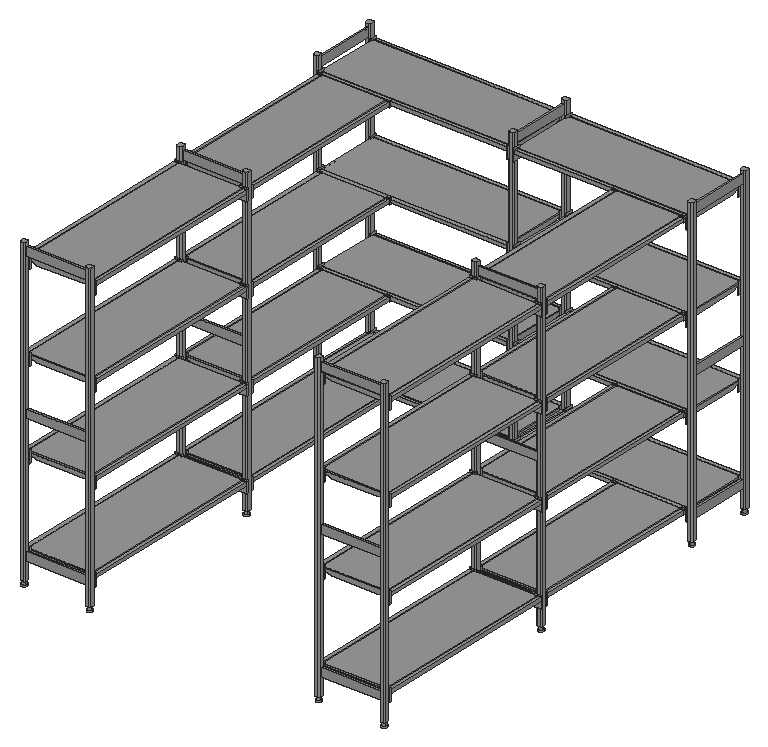
Revit family "QF_ZANUSSI_137098_CRS2024", category Attrezzature speciali, Revit 2020
Family settings
  Quota connettore circolare = Usa diametro
  Tipo di parte = Normale
  Basato su piano di lavoro = No
  Sempre verticale = Sì
  Taglio con vuoti quando caricato = No
  Condiviso = No
  Punto di calcolo locali = No
Parameters (values of type "Standard")
  Weight = 94.00 kg
  Watts = 0 W
  Volts = 0 V
  URL Manufacturer = "http://www.zanussiprofessional.com"
  URL = "http://www.zanussiprofessional.com"
  Steam Supply Size = 0 mm
  Steam Supply Minimum Pressure = 0.0 Pa
  Steam Supply Maximum Pressure = 0.0 Pa
  Steam Consumption per Hour = 0
  Refrigeration Suction Line Size = 0 mm
  Refrigeration Liquid Line Size = 0 mm
  Refrigerant Compressor Remote = yes
  Prospetto di default = 0 mm
  Produttore = "Zanussi"
  Phase = 0
  Modello = "CRS2024"
  Length Actual = 708 mm  # constant formula
  Item Number = "137098"
  Hot Water Size = 0 mm
  Height Actual = 1550 mm  # constant formula
  HP = "0 HP"
  Gas Size = 0 mm
  Gas KW = 0
  Gas Input Pressure = 0 W
  Direct Waste Size = 0 mm
  Descrizione = "ALUM.SHELV.,POLY.TIERS-COLDROOM 203X243"
  Depth Actual = 373 mm  # constant formula
  Cycle = 0 Hz
  Condensate Return Size = 0 mm
  Compressed Air Volume = 0.0 L/s
  Compressed Air Size = 0 mm
  Compressed Air Pressure = 0.0 Pa
  Cold Water Size = 0 mm
  Accessory = yes
Reference planes
  plane 1 "Center (Front/Back)": y = 0
  plane 2: z = 0
  plane 3 "Center (Left/Right)": x = 0
  plane 4: x = -1015
  plane 5: y = 1215
  plane 6: y = -1215
  plane 7: x = 1015
  plane 8: x = -980
  plane 9: x = 980
  plane 10: y = 1152.5
  plane 11: y = -1152.5
Forms (mm)
  Extrusion 1, solid, material "QF_Clearances", detail levels coarse
    sketch origin (0, 0, 0) x (1, 0, 0) y (0, 1, 0)
      loop
        line (-1015, -1215) -> (1015, -1215) -> (1015, 1215) -> (-1015, 1215) -> (-1015, -1215)
      loop
        line (980, -1152.5) -> (980, 1152.5) -> (-980, 1152.5) -> (-980, -1152.5) -> (980, -1152.5)
    from 0 to 1590
Lines and regions (mm)
  symbolic lines, style "QF_Clearances"
    curve 1: line (-1015, 1215, 0) -> (-1015, -1215, 0)
    curve 2: line (1015, 1215, 0) -> (-1015, 1215, 0)
    curve 3: line (1015, -1215, 0) -> (1015, 1215, 0)
Dimensions and locks
  equal spacing: plane 5, plane 1 "Center (Front/Back)", plane 6
  plane 5 to plane 6 = 2430 mm
  equal spacing: plane 4, plane 3 "Center (Left/Right)", plane 7
  plane 4 to plane 7 = 2030 mm
  plane 4 to plane 8 = 35 mm
  plane 8 to plane 9 = 1960 mm
  plane 11 to plane 6 = 62.5 mm
  plane 10 to plane 11 = 2305 mm
  aligned and locked: level to plane 2
  aligned and locked: Extrusion 1 sketch curve to plane 4
  aligned and locked: Extrusion 1 sketch curve to plane 5
  aligned and locked: Extrusion 1 sketch curve to plane 7
  aligned and locked: Extrusion 1 sketch curve to plane 8
  aligned and locked: plane 10 to Extrusion 1 sketch curve
  aligned and locked: plane 9 to Extrusion 1 sketch curve
  aligned and locked: Extrusion 1 sketch curve to plane 11
  aligned and locked: Extrusion 1 sketch curve to plane 6
Automatic sketch dimensions
  curve 1 to plane 4 = 0 mm
  curve 2 to plane 5 = 0 mm
  curve 2 to plane 7 = 0 mm
  curve 1 to plane 6 = 0 mm
  curve 3 to plane 6 = 0 mm
Nested families
  nested 1: "QF_974" at (-430, 1129.5, 0), type "QF_974"
  nested 2: "QF_886" at (536, 1129.5, 0), type "QF_886"
  nested 3: "QF_886G" at (-728.5, 407, 0), type "QF_886G"
  nested 4: "QF_886G" at (728.5, 407, 0) x (-1, 0, 0) z (0, 0, 1), type "QF_886G"
  nested 5: "QF_974" at (596, -602.5, 0) x (0, 1, 0) z (0, 0, 1), type "QF_974"
  nested 6: "QF_974" at (-923, -602.5, 0) x (0, 1, 0) z (0, 0, 1), type "QF_974"
Definition of nested family "QF_974"
  Parameters
    Default Elevation = 0 mm
    Model = "137013"
    Manufacturer = "Electrolux Professional"
    Description = ""
  Reference planes
    plane 1: z = 0
    plane 2 "Center (Left/Right)": x = -31
    plane 3 "LEFT": x = -550
    plane 4 "RIGHT": x = 488
    plane 5 "BACK": y = 23
    plane 6 "FRONT": y = -350
    plane 7 "TOP": z = 1700
    plane 8: x = 483
    plane 9: x = -518
    plane 10: x = 456
    plane 11 "Center (Front/Back)": y = -163.5
    plane 12: x = 451
    plane 13: y = -8.5
    plane 14: y = -318.5
    plane 15 "FEET": z = 25
    plane 16: z = 140
    plane 17: z = 590
    plane 18: z = 1040
    plane 19: z = 1490
    plane 20 "CXLeft": x = -536
    plane 21 "CXRight": x = 474
    plane 22: y = 5.5
    plane 23 "CYBack": y = 5.5
    plane 24 "CYFront": y = -332.5
  Forms (mm)
    Extrusion 1, solid
      sketch origin (-550, 0, 0) x (0, 1, 0) y (0, 0, 1)
        loop
          line (4, 1515.994) -> (4, 1497.998) -> (23, 1497.998) -> (23, 1515.994) -> (4, 1515.994)
        loop
          line (-331, 1515.994) -> (-350, 1515.994) -> (-350, 1497.998) -> (-331, 1497.998) -> (-331, 1515.994)
        loop
          line (4, 1065.994) -> (4, 1047.998) -> (23, 1047.998) -> (23, 1065.994) -> (4, 1065.994)
        loop
          line (-331, 1065.994) -> (-350, 1065.994) -> (-350, 1047.998) -> (-331, 1047.998) -> (-331, 1065.994)
        loop
          line (4, 615.994) -> (4, 597.998) -> (23, 597.998) -> (23, 615.994) -> (4, 615.994)
        loop
          line (-331, 615.994) -> (-350, 615.994) -> (-350, 597.998) -> (-331, 597.998) -> (-331, 615.994)
        loop
          line (4, 165.994) -> (4, 147.998) -> (23, 147.998) -> (23, 165.994) -> (4, 165.994)
        loop
          line (-331, 165.994) -> (-350, 165.994) -> (-350, 147.998) -> (-331, 147.998) -> (-331, 165.994)
      from 32 to 1006
    Extrusion 2, solid
      sketch origin (-550, 0, 135) x (0, 1, 0) y (0, 0, 1)
        loop
          line (2.007, 1380.994) -> (-329, 1380.994) -> (-329, 1374.496) -> (2.007, 1374.496) -> (2.007, 1380.994)
        loop
          line (2.007, 930.994) -> (-329, 930.994) -> (-329, 924.496) -> (2.007, 924.496) -> (2.007, 930.994)
        loop
          line (2.007, 480.994) -> (-329, 480.994) -> (-329, 474.496) -> (2.007, 474.496) -> (2.007, 480.994)
        loop
          line (2.007, 30.994) -> (-329, 30.994) -> (-329, 24.496) -> (2.007, 24.496) -> (2.007, 30.994)
      from 32 to 1006
    Extrusion 3, solid
      sketch origin (488, 0, 135) x (0, 1, 0) y (0, 0, 1)
        loop
          line (-12, 1362.998) -> (4, 1362.998) -> (4, 1380.994) -> (2.007, 1380.994) -> (2.007, 1374.496) -> (-329, 1374.496) -> (-329, 1380.994) -> (-331, 1380.994) -> (-331, 1362.998) -> (-315, 1362.998) -> (-281, 1350.994) -> (-46, 1350.994) -> (-12, 1362.998)
        loop
          line (-12, 912.998) -> (4, 912.998) -> (4, 930.994) -> (2.007, 930.994) -> (2.007, 924.496) -> (-329, 924.496) -> (-329, 930.994) -> (-331, 930.994) -> (-331, 912.998) -> (-315, 912.998) -> (-281, 900.994) -> (-46, 900.994) -> (-12, 912.998)
        loop
          line (-12, 462.998) -> (4, 462.998) -> (4, 480.994) -> (2.007, 480.994) -> (2.007, 474.496) -> (-329, 474.496) -> (-329, 480.994) -> (-331, 480.994) -> (-331, 462.998) -> (-315, 462.998) -> (-281, 450.994) -> (-46, 450.994) -> (-12, 462.998)
        loop
          line (-12, 12.998) -> (4, 12.998) -> (4, 30.994) -> (2.007, 30.994) -> (2.007, 24.496) -> (-329, 24.496) -> (-329, 30.994) -> (-331, 30.994) -> (-331, 12.998) -> (-315, 12.998) -> (-281, 0.994) -> (-46, 0.994) -> (-12, 12.998)
      from -32 to -37
  Lines and regions (mm)
    symbolic lines
      curve 1: line (456, 4, 1700) -> (-518, 4, 1700)
      curve 2: line (-522, 23, 1700) -> (460, 23, 1700)
      curve 3: line (460, 13.246, 1700) -> (466.254, 19.5, 1700)
      curve 4: line (466.254, -8.5, 1700) -> (460, -2.246, 1700)
      curve 5: line (466.254, -318.5, 1700) -> (460, -324.754, 1700)
      curve 6: line (-522, -350, 1700) -> (460, -350, 1700)
      curve 7: line (460, 23, 1700) -> (460, -12.993, 1700)
      curve 8: line (460, -12.993, 1700) -> (456, -12.993, 1700)
      curve 9: line (460, -350, 1700) -> (460, -314.007, 1700)
      curve 10: line (460, -314.007, 1700) -> (456, -314.007, 1700)
      curve 11: line (-518, -12.993, 1700) -> (-518, -314.007, 1700)
      curve 12: line (-518, -331, 1700) -> (456, -331, 1700)
      curve 13: line (456, -12.993, 1700) -> (456, -314.007, 1700)
  Dimensions and locks
    locked: plane 3 "LEFT" to plane 4 "RIGHT" at 1038
    equal spacing: plane 3 "LEFT", plane 2 "Center (Left/Right)", plane 4 "RIGHT"
    locked: plane 7 "TOP" to level at 1700
    locked: plane 5 "BACK" to plane 6 "FRONT" at 373
    locked: plane 4 "RIGHT" to plane 8 at 5
    locked: plane 9 to plane 10 at 974
    locked: plane 3 "LEFT" to plane 9 at 32
    plane 12 to plane 10 = 5 mm
    locked: plane 13 to plane 14 at 310
    equal spacing: plane 13, plane 11 "Center (Front/Back)", plane 14
    equal spacing: plane 5 "BACK", plane 11 "Center (Front/Back)", plane 6 "FRONT"
    plane 15 "FEET" to level = 25 mm
    plane 7 "TOP" to plane 15 "FEET" = 1675 mm
    plane 17 to plane 16 = 450 mm
    plane 18 to plane 17 = 450 mm
    plane 19 to plane 18 = 450 mm
    locked: plane 3 "LEFT" to plane 20 "CXLeft" at 14
    locked: plane 21 "CXRight" to plane 4 "RIGHT" at 14
    locked: plane 5 "BACK" to plane 23 "CYBack" at 17.5
    locked: plane 24 "CYFront" to plane 6 "FRONT" at 17.5
    plane 16 to level = 140 mm
    plane 17 to level = 590 mm
    plane 18 to level = 1040 mm
    plane 19 to level = 1490 mm
    aligned and locked: level to plane 1
    aligned and locked: plane 9 to Extrusion 2
    aligned and locked: Extrusion 2 to plane 10
    aligned and locked: plane 9 to Extrusion 1
    aligned and locked: Extrusion 1 to plane 10
    aligned and locked: Extrusion 1 sketch curve to Extrusion 1 sketch curve  (x2)
    aligned and locked: Extrusion 3 sketch curve to Extrusion 3 sketch curve  (x3)
    aligned and locked: Extrusion 3 to plane 12
    aligned and locked: Extrusion 3 to plane 10
    aligned and locked: plane 20 "CXLeft" to nested 1
    aligned and locked: plane 21 "CXRight" to nested 2
  Automatic sketch dimensions
    Extrusion 1 sketch curve to plane 6 "FRONT" = 0 mm  (x4)
    Extrusion 1 sketch curve to plane 5 "BACK" = 0 mm  (x4)
    plane 24 "CYFront" to Extrusion 1 sketch curve = 1.5 mm  (x2)
    plane 22 to Extrusion 1 sketch curve = 1.5 mm  (x4)
    plane 16 to Extrusion 1 sketch curve = 7.998 mm  (x2)
    Extrusion 1 sketch curve to Extrusion 1 sketch curve = 17.997 mm  (x8)
    plane 17 to Extrusion 1 sketch curve = 7.998 mm  (x2)
    plane 18 to Extrusion 1 sketch curve = 7.998 mm  (x2)
    plane 19 to Extrusion 1 sketch curve = 7.998 mm  (x2)
    plane 24 "CYFront" to Extrusion 2 sketch curve = 3.5 mm  (x4)
    plane 22 to Extrusion 2 sketch curve = 3.493 mm  (x4)
    plane 16 to Extrusion 2 sketch curve = 19.496 mm
    Extrusion 2 sketch curve to Extrusion 2 sketch curve = 6.499 mm  (x4)
    plane 17 to Extrusion 2 sketch curve = 19.496 mm
    plane 18 to Extrusion 2 sketch curve = 19.496 mm
    plane 19 to Extrusion 2 sketch curve = 19.496 mm
    plane 24 "CYFront" to Extrusion 3 sketch curve = 1.5 mm  (x4)
    Extrusion 3 sketch curve to Extrusion 3 sketch curve = 2 mm
    plane 14 to Extrusion 3 sketch curve = 3.5 mm  (x4)
    Extrusion 3 sketch curve to plane 16 = 4.006 mm
    Extrusion 3 sketch curve to Extrusion 3 sketch curve = 34 mm  (x4)
    Extrusion 3 sketch curve to plane 17 = 4.006 mm
    Extrusion 3 sketch curve to plane 18 = 4.006 mm
    Extrusion 3 sketch curve to plane 19 = 4.006 mm
    Extrusion 3 sketch curve to plane 13 = 37.5 mm  (x4)
    Extrusion 3 sketch curve to plane 13 = 3.5 mm  (x4)
    plane 22 to Extrusion 3 sketch curve = 3.493 mm  (x4)
    plane 22 to Extrusion 3 sketch curve = 1.5 mm  (x4)
    plane 16 to Extrusion 3 sketch curve = 7.998 mm  (x2)
    Extrusion 3 sketch curve to Extrusion 3 sketch curve = 11.498 mm  (x4)
    Extrusion 3 sketch curve to Extrusion 3 sketch curve = 6.499 mm  (x8)
    plane 17 to Extrusion 3 sketch curve = 7.998 mm  (x2)
    plane 18 to Extrusion 3 sketch curve = 7.998 mm  (x2)
    plane 19 to Extrusion 3 sketch curve = 7.998 mm  (x2)
    curve 6 to plane 6 "FRONT" = 0 mm
    curve 12 to plane 9 = 0 mm
    curve 12 to plane 10 = 0 mm
    curve 5 to plane 14 = 0 mm
    curve 11 to plane 9 = 0 mm
    curve 8 to plane 10 = 0 mm
    curve 4 to plane 13 = 0 mm
    curve 1 to plane 9 = 0 mm
    curve 1 to plane 10 = 0 mm
    curve 2 to plane 5 "BACK" = 0 mm
    plane 14 to curve 10 = 4.493 mm
    curve 7 to plane 13 = 4.493 mm
    curve 10 to plane 10 = 4 mm
    curve 7 to plane 10 = 4 mm
    plane 24 "CYFront" to curve 12 = 1.5 mm
    curve 5 to plane 14 = 6.254 mm
    plane 14 to curve 11 = 4.493 mm
    curve 11 to plane 13 = 4.493 mm
    plane 13 to curve 4 = 6.254 mm
    plane 22 to curve 1 = 1.5 mm
    curve 3 to plane 22 = 7.746 mm
    curve 3 to plane 5 "BACK" = 3.5 mm
    curve 5 to curve 9 = 6.254 mm
    curve 3 to curve 2 = 6.254 mm
    curve 4 to curve 7 = 6.254 mm
    plane 9 to curve 2 = 4 mm
    plane 9 to curve 6 = 4 mm
  Nested families
    nested 1: "WT_Anta373B" at (-133, 0, 0), type "WT_Anta373B"
    nested 2: "WT_Anta373B" at (71, 0, 0) x (-1, 0, 0) z (0, 0, 1), type "WT_Anta373B"
  Definition of nested family "WT_Anta373B"
    Parameters
      WidthLeft = A + 64 mm  # 772 mm
      Width = 1606 mm
      Right = WidthLeft / 2  # 386 mm
      Default Elevation = 0 mm
      Left = -WidthLeft / 2  # -386 mm
      Height = 1590 mm
      FEET = 25 mm
      E = 0 mm
      Dint = Depth - 63 mm  # 310 mm
      Dext = Depth - 8 mm  # 365 mm
      Depth = 373 mm
      DX = (WidthLeft - A) / 2  # 32 mm
      B = 798 mm
      A = 708 mm
    Reference planes
      plane 1: z = 0
      plane 2 "LEFT": x = -417
      plane 3 "BACK": y = 23
      plane 4 "FRONT": y = -350
      plane 5 "TOP": z = 1590
      plane 6 "Center (Front/Back)": y = -163.5
      plane 7: y = -8.5
      plane 8: y = -318.5
      plane 9 "FEET": z = 25
      plane 10: z = 140
      plane 11: z = 590
      plane 12: z = 1040
      plane 13: z = 1490
      plane 14 "CXLeft": x = -403
      plane 15: y = 5.5
      plane 16 "CYBack": y = 5.5
      plane 17 "CYFront": y = -332.5
      plane 18: x = -385.031
      plane 19: x = -380.031
    Forms (mm)
      Extrusion 1, solid
        sketch origin (0, 0, 0) x (1, 0, 0) y (0, 1, 0)
          loop
            line (-417, 13.246) -> (-417, -2.246) -> (-410.746, -8.5) -> (-395.254, -8.5) -> (-389, -2.246) -> (-389, 13.246) -> (-395.254, 19.5) -> (-410.746, 19.5) -> (-417, 13.246)
        from 1590 to 25
      Extrusion 2, solid
        sketch origin (-417, 0, 0) x (0, 1, 0) y (0, 0, 1)
          loop
            line (23, 111.005) -> (23, 172.993) -> (-12.993, 172.993) -> (-12.993, 111.005) -> (23, 111.005)
          loop
            line (-350, 111.005) -> (-314.007, 111.005) -> (-314.007, 172.993) -> (-350, 172.993) -> (-350, 111.005)
          loop
            line (23, 561.005) -> (23, 622.993) -> (-12.993, 622.993) -> (-12.993, 561.005) -> (23, 561.005)
          loop
            line (-350, 561.005) -> (-314.007, 561.005) -> (-314.007, 622.993) -> (-350, 622.993) -> (-350, 561.005)
          loop
            line (23, 1011.005) -> (23, 1072.993) -> (-12.993, 1072.993) -> (-12.993, 1011.005) -> (23, 1011.005)
          loop
            line (-350, 1011.005) -> (-314.007, 1011.005) -> (-314.007, 1072.993) -> (-350, 1072.993) -> (-350, 1011.005)
          loop
            line (23, 1461.005) -> (23, 1522.993) -> (-12.993, 1522.993) -> (-12.993, 1461.005) -> (23, 1461.005)
          loop
            line (-350, 1461.005) -> (-314.007, 1461.005) -> (-314.007, 1522.993) -> (-350, 1522.993) -> (-350, 1461.005)
        from 28 to 32
      Revolve 3, solid
        sketch origin (-403, 0, 0) x (0, 1, 0) y (0, 0, 1)
          loop
            line (5.5, 25) -> (5.5, 0) -> (19, 0) -> (19, 5) -> (14, 5) -> (14, 25) -> (5.5, 25)
          axis (5.5, 25) -> (5.5, 0)
        angle from 0 to 360
      Extrusion 4, solid
        sketch origin (-403, 0, 0) x (0, 1, 0) y (0, 0, 1)
          loop
            line (-8.5, 777.382) -> (-8.5, 822.374) -> (-318.5, 822.374) -> (-318.5, 777.382) -> (-8.5, 777.382)
          loop
            line (-8.5, 1527.244) -> (-8.5, 1572.236) -> (-318.5, 1572.236) -> (-318.5, 1527.244) -> (-8.5, 1527.244)
        from -5 to 5
      Revolve 5, solid
        sketch origin (-403, -627, 0) x (0, -1, 0) y (0, 0, 1)
          loop
            line (-294.5, 25) -> (-294.5, 0) -> (-281, 0) -> (-281, 5) -> (-286, 5) -> (-286, 25) -> (-294.5, 25)
          axis (-294.5, 25) -> (-294.5, 0)
        angle from 0 to 360
      Extrusion 6, solid
        sketch origin (0, -627, 0) x (1, 0, 0) y (0, 1, 0)
          loop
            line (-417, 286.754) -> (-410.746, 280.5) -> (-395.254, 280.5) -> (-389, 286.754) -> (-389, 302.246) -> (-395.254, 308.5) -> (-410.746, 308.5) -> (-417, 302.246) -> (-417, 286.754)
        from 1590 to 25
      Extrusion 7, solid
        sketch origin (-417.031, -0.022, 0) x (0, 1, 0) y (0, 0, -1)
          loop
            line (-12, -1497.998) -> (-46, -1485.994) -> (-281, -1485.994) -> (-315, -1497.998) -> (-331, -1497.998) -> (-331, -1515.994) -> (-329, -1515.994) -> (-329, -1509.496) -> (2.007, -1509.496) -> (2.007, -1515.994) -> (4, -1515.994) -> (4, -1497.998) -> (-12, -1497.998)
          loop
            line (-12, -1047.998) -> (-46, -1035.994) -> (-281, -1035.994) -> (-315, -1047.998) -> (-331, -1047.998) -> (-331, -1065.994) -> (-329, -1065.994) -> (-329, -1059.496) -> (2.007, -1059.496) -> (2.007, -1065.994) -> (4, -1065.994) -> (4, -1047.998) -> (-12, -1047.998)
          loop
            line (-12, -597.998) -> (-46, -585.994) -> (-281, -585.994) -> (-315, -597.998) -> (-331, -597.998) -> (-331, -615.994) -> (-329, -615.994) -> (-329, -609.496) -> (2.007, -609.496) -> (2.007, -615.994) -> (4, -615.994) -> (4, -597.998) -> (-12, -597.998)
          loop
            line (-12, -147.998) -> (-46, -135.994) -> (-281, -135.994) -> (-315, -147.998) -> (-331, -147.998) -> (-331, -165.994) -> (-329, -165.994) -> (-329, -159.496) -> (2.007, -159.496) -> (2.007, -165.994) -> (4, -165.994) -> (4, -147.998) -> (-12, -147.998)
        from -32 to -37
      Extrusion 8, solid
        sketch origin (-403, 0, -659.878) x (0, 1, 0) y (0, 0, 1)
          loop
            line (-8.5, 777.382) -> (-8.5, 822.374) -> (-318.5, 822.374) -> (-318.5, 777.382) -> (-8.5, 777.382)
          loop
            line (-8.5, 1437.382) -> (-8.5, 1482.374) -> (-318.5, 1482.374) -> (-318.5, 1437.382) -> (-8.5, 1437.382)
          loop
            line (-8.5, 2187.382) -> (-8.5, 2232.374) -> (-318.5, 2232.374) -> (-318.5, 2187.382) -> (-8.5, 2187.382)
        from -5 to 5
    Lines and regions (mm)
      symbolic lines
        curve 1: line (-408, -8.5, 1590) -> (-408, -318.5, 1590)
        curve 2: line (-398, -318.5, 1590) -> (-398, -8.5, 1590)
        curve 3: line (-395.254, -8.5, 1590) -> (-410.746, -8.5, 1590)
        curve 4: line (-417, -2.246, 1590) -> (-410.746, -8.5, 1590)
        curve 5: line (-417, 13.246, 1590) -> (-417, -2.246, 1590)
        curve 6: line (-410.746, 19.5, 1590) -> (-417, 13.246, 1590)
        curve 7: line (-395.254, 19.5, 1590) -> (-410.746, 19.5, 1590)
        curve 8: line (-389, 13.246, 1590) -> (-395.254, 19.5, 1590)
        curve 9: line (-395.254, -8.5, 1590) -> (-389, -2.246, 1590)
        curve 10: line (-395.254, -318.5, 1590) -> (-410.746, -318.5, 1590)
        curve 11: line (-417, -324.754, 1590) -> (-410.746, -318.5, 1590)
        curve 12: line (-410.746, -346.5, 1590) -> (-417, -340.246, 1590)
        curve 13: line (-395.254, -346.5, 1590) -> (-410.746, -346.5, 1590)
        curve 14: line (-389, -340.246, 1590) -> (-395.254, -346.5, 1590)
        curve 15: line (-395.254, -318.5, 1590) -> (-389, -324.754, 1590)
        curve 16: line (-389, -350, 1590) -> (-389, -314.007, 1590)
        curve 17: line (-389, -314.007, 1590) -> (-385, -314.007, 1590)
        curve 18: line (-389, 23, 1590) -> (-389, -12.993, 1590)
        curve 19: line (-389, -12.993, 1590) -> (-385, -12.993, 1590)
        curve 20: line (-417, -324.754, 1590) -> (-417, -340.246, 1590)
        curve 21: line (-385, -350, 1590) -> (-385, -314.007, 1590)
        curve 22: line (-385, -350, 1590) -> (-389, -350, 1590)
        curve 23: line (-385, 23, 1590) -> (-389, 23, 1590)
        curve 24: line (-385, -12.993, 1590) -> (-385, 23, 1590)
        curve 25: line (-385.031, -13.016, 1725) -> (-385.031, -314.029, 1725)
    Dimensions and locks
      "Depth": plane 3 "BACK" to plane 4 "FRONT"
      "Dint": plane 7 to plane 8
      equal spacing: plane 7, plane 6 "Center (Front/Back)", plane 8
      equal spacing: plane 3 "BACK", plane 6 "Center (Front/Back)", plane 4 "FRONT"
      plane 9 "FEET" to level = 25 mm
      plane 10 to plane 9 "FEET" = 115 mm
      plane 11 to plane 10 = 450 mm
      plane 12 to plane 11 = 450 mm
      plane 13 to plane 12 = 450 mm
      locked: plane 2 "LEFT" to plane 14 "CXLeft" at 14
      locked: plane 3 "BACK" to plane 16 "CYBack" at 17.5
      locked: plane 17 "CYFront" to plane 4 "FRONT" at 17.5
      locked: Revolve 3 sketch curve to Revolve 3 sketch curve at 8.5
      locked: Revolve 3 sketch curve to plane 16 "CYBack" at 13.5
      locked: Revolve 5 sketch curve to Revolve 5 sketch curve at 8.5
      plane 10 to level = 140 mm
      plane 11 to level = 590 mm
      plane 12 to level = 1040 mm
      plane 13 to level = 1490 mm
      "Height": plane 5 "TOP" to level
      aligned and locked: level to plane 1
      aligned and locked: curve 20 to Extrusion 6
      aligned and locked: plane 5 "TOP" to Extrusion 1
      aligned and locked: plane 5 "TOP" to Extrusion 6
      aligned and locked: Extrusion 7 sketch curve to Extrusion 7 sketch curve  (x3)
    Automatic sketch dimensions
      curve 16 to plane 4 "FRONT" = 0 mm
      curve 11 to plane 8 = 0 mm
      curve 9 to plane 7 = 0 mm
      curve 5 to plane 2 "LEFT" = 0 mm
      curve 23 to plane 3 "BACK" = 0 mm
      plane 4 "FRONT" to curve 13 = 3.5 mm
      curve 20 to plane 17 "CYFront" = 7.746 mm
      curve 20 to plane 8 = 6.254 mm
      plane 8 to curve 16 = 4.493 mm
      curve 24 to plane 18 = 0.031 mm
      curve 24 to plane 7 = 4.493 mm
      plane 7 to curve 5 = 6.254 mm
      curve 5 to plane 15 = 7.746 mm
      curve 6 to plane 3 "BACK" = 3.5 mm
      curve 21 to plane 18 = 0.031 mm
      plane 18 to curve 23 = 3.969 mm
      plane 18 to curve 16 = 3.969 mm
      curve 18 to curve 8 = 6.254 mm
      curve 18 to curve 3 = 6.254 mm
      curve 16 to curve 13 = 6.254 mm
      curve 16 to curve 15 = 6.254 mm
      plane 2 "LEFT" to curve 10 = 6.254 mm
      plane 2 "LEFT" to curve 7 = 6.254 mm
      plane 2 "LEFT" to curve 12 = 6.254 mm
      plane 2 "LEFT" to curve 3 = 6.254 mm
      curve 14 to plane 17 "CYFront" = 7.746 mm
      curve 15 to plane 8 = 6.254 mm
      plane 7 to curve 9 = 6.254 mm
      curve 8 to plane 15 = 7.746 mm
      curve 3 to curve 2 = 2.746 mm
      curve 1 to curve 10 = 2.746 mm
      Extrusion 1 sketch curve to plane 2 "LEFT" = 0 mm
      Extrusion 1 sketch curve to plane 7 = 0 mm
      plane 2 "LEFT" to Extrusion 1 sketch curve = 6.254 mm  (x2)
      plane 14 "CXLeft" to Extrusion 1 sketch curve = 7.746 mm  (x2)
      Extrusion 1 sketch curve to plane 3 "BACK" = 3.5 mm
      plane 18 to Extrusion 1 sketch curve = 3.969 mm
      plane 7 to Extrusion 1 sketch curve = 6.254 mm  (x2)
      Extrusion 1 sketch curve to plane 15 = 7.746 mm  (x2)
      Extrusion 2 sketch curve to plane 4 "FRONT" = 0 mm  (x4)
      Extrusion 2 sketch curve to plane 3 "BACK" = 0 mm  (x4)
      plane 8 to Extrusion 2 sketch curve = 4.493 mm  (x4)
      Extrusion 2 sketch curve to plane 7 = 4.493 mm  (x4)
      Extrusion 2 sketch curve to plane 10 = 28.995 mm  (x2)
      plane 10 to Extrusion 2 sketch curve = 32.993 mm  (x2)
      Extrusion 2 sketch curve to plane 11 = 28.995 mm  (x2)
      plane 11 to Extrusion 2 sketch curve = 32.993 mm  (x2)
      Extrusion 2 sketch curve to plane 12 = 28.995 mm  (x2)
      plane 12 to Extrusion 2 sketch curve = 32.993 mm  (x2)
      Extrusion 2 sketch curve to plane 13 = 28.995 mm  (x2)
      plane 13 to Extrusion 2 sketch curve = 32.993 mm  (x2)
      Revolve 3 sketch curve to plane 9 "FEET" = 0 mm  (x2)
      Revolve 3 sketch curve to plane 15 = 0 mm  (x2)
      Revolve 3 sketch curve to level = 0 mm
      level to Revolve 3 sketch curve = 5 mm
      Revolve 3 sketch curve to Revolve 3 sketch curve = 11.655 mm
      Extrusion 4 sketch curve to plane 8 = 0 mm  (x2)
      Extrusion 4 sketch curve to plane 7 = 0 mm  (x2)
      plane 11 to Extrusion 4 sketch curve = 187.382 mm
      Extrusion 4 sketch curve to Extrusion 4 sketch curve = 44.992 mm
      plane 13 to Extrusion 4 sketch curve = 37.244 mm
      Extrusion 4 sketch curve to plane 5 "TOP" = 17.764 mm
      Revolve 5 sketch curve to plane 9 "FEET" = 0 mm  (x2)
      Revolve 5 sketch curve to plane 17 "CYFront" = 0 mm  (x2)
      Revolve 5 sketch curve to level = 0 mm
      Revolve 5 sketch curve to plane 4 "FRONT" = 4 mm
      Revolve 5 sketch curve to Revolve 5 sketch curve = 5 mm
      level to Revolve 5 sketch curve = 11.655 mm
      Extrusion 6 sketch curve to plane 2 "LEFT" = 0 mm
      Extrusion 6 sketch curve to plane 8 = 0 mm
      Extrusion 6 sketch curve to plane 2 "LEFT" = 6.254 mm  (x2)
      Extrusion 6 sketch curve to plane 14 "CXLeft" = 7.746 mm  (x2)
      Extrusion 6 sketch curve to plane 4 "FRONT" = 3.5 mm
      Extrusion 6 sketch curve to plane 18 = 3.969 mm
      plane 8 to Extrusion 6 sketch curve = 6.254 mm  (x2)
      plane 17 "CYFront" to Extrusion 6 sketch curve = 7.746 mm  (x2)
      plane 17 "CYFront" to Extrusion 7 sketch curve = 1.478 mm  (x4)
      Extrusion 7 sketch curve to Extrusion 7 sketch curve = 2 mm
      plane 8 to Extrusion 7 sketch curve = 3.478 mm  (x4)
      Extrusion 7 sketch curve to plane 10 = 4.006 mm
      Extrusion 7 sketch curve to Extrusion 7 sketch curve = 34 mm  (x4)
      Extrusion 7 sketch curve to plane 11 = 4.006 mm
      Extrusion 7 sketch curve to plane 12 = 4.006 mm
      Extrusion 7 sketch curve to plane 13 = 4.006 mm
      Extrusion 7 sketch curve to plane 7 = 37.522 mm  (x4)
      Extrusion 7 sketch curve to plane 7 = 3.522 mm  (x4)
      plane 15 to Extrusion 7 sketch curve = 3.516 mm  (x4)
      plane 15 to Extrusion 7 sketch curve = 1.522 mm  (x4)
      plane 13 to Extrusion 7 sketch curve = 7.998 mm  (x2)
      Extrusion 7 sketch curve to Extrusion 7 sketch curve = 11.498 mm
      Extrusion 7 sketch curve to Extrusion 7 sketch curve = 6.499 mm  (x5)
      plane 12 to Extrusion 7 sketch curve = 25.994 mm  (x2)
      plane 12 to Extrusion 7 sketch curve = 7.998 mm  (x2)
      plane 11 to Extrusion 7 sketch curve = 25.994 mm  (x2)
      plane 11 to Extrusion 7 sketch curve = 7.998 mm  (x2)
      plane 10 to Extrusion 7 sketch curve = 25.994 mm  (x2)
      plane 10 to Extrusion 7 sketch curve = 7.998 mm  (x2)
      curve 25 to plane 18 = 0 mm
      plane 8 to curve 25 = 4.471 mm
      curve 25 to plane 7 = 4.516 mm
      Extrusion 8 sketch curve to plane 8 = 0 mm  (x3)
      Extrusion 8 sketch curve to plane 7 = 0 mm  (x3)
      Extrusion 8 sketch curve to plane 10 = 22.496 mm
      plane 10 to Extrusion 8 sketch curve = 22.496 mm
      plane 11 to Extrusion 8 sketch curve = 187.504 mm
      Extrusion 8 sketch curve to Extrusion 8 sketch curve = 44.992 mm
      plane 13 to Extrusion 8 sketch curve = 37.504 mm
      Extrusion 8 sketch curve to plane 5 "TOP" = 17.504 mm
Definition of nested family "QF_886"
  Parameters
    Default Elevation = 0 mm
    Model = "137012"
    Manufacturer = "Electrolux Professional"
    Description = ""
  Reference planes
    plane 1: z = 0
    plane 2 "Center (Left/Right)": x = -31
    plane 3 "LEFT": x = -506
    plane 4 "RIGHT": x = 444
    plane 5 "BACK": y = 23
    plane 6 "FRONT": y = -350
    plane 7 "TOP": z = 1700
    plane 8: x = 439
    plane 9: x = -474
    plane 10: x = 412
    plane 11 "Center (Front/Back)": y = -163.5
    plane 12: x = 407
    plane 13: y = -8.5
    plane 14: y = -318.5
    plane 15 "FEET": z = 25
    plane 16: z = 140
    plane 17: z = 590
    plane 18: z = 1040
    plane 19: z = 1490
    plane 20 "CXLeft": x = -492
    plane 21 "CXRight": x = 430
    plane 22: y = 5.5
    plane 23 "CYBack": y = 5.5
    plane 24 "CYFront": y = -332.5
  Forms (mm)
    Extrusion 1, solid
      sketch origin (-506, 0, 0) x (0, 1, 0) y (0, 0, 1)
        loop
          line (4, 1515.994) -> (4, 1497.998) -> (23, 1497.998) -> (23, 1515.994) -> (4, 1515.994)
        loop
          line (-331, 1515.994) -> (-350, 1515.994) -> (-350, 1497.998) -> (-331, 1497.998) -> (-331, 1515.994)
        loop
          line (4, 1065.994) -> (4, 1047.998) -> (23, 1047.998) -> (23, 1065.994) -> (4, 1065.994)
        loop
          line (-331, 1065.994) -> (-350, 1065.994) -> (-350, 1047.998) -> (-331, 1047.998) -> (-331, 1065.994)
        loop
          line (4, 615.994) -> (4, 597.998) -> (23, 597.998) -> (23, 615.994) -> (4, 615.994)
        loop
          line (-331, 615.994) -> (-350, 615.994) -> (-350, 597.998) -> (-331, 597.998) -> (-331, 615.994)
        loop
          line (4, 165.994) -> (4, 147.998) -> (23, 147.998) -> (23, 165.994) -> (4, 165.994)
        loop
          line (-331, 165.994) -> (-350, 165.994) -> (-350, 147.998) -> (-331, 147.998) -> (-331, 165.994)
      from 32 to 918
    Extrusion 2, solid
      sketch origin (-506, 0, 135) x (0, 1, 0) y (0, 0, 1)
        loop
          line (2.007, 1380.994) -> (-329, 1380.994) -> (-329, 1374.496) -> (2.007, 1374.496) -> (2.007, 1380.994)
        loop
          line (2.007, 930.994) -> (-329, 930.994) -> (-329, 924.496) -> (2.007, 924.496) -> (2.007, 930.994)
        loop
          line (2.007, 480.994) -> (-329, 480.994) -> (-329, 474.496) -> (2.007, 474.496) -> (2.007, 480.994)
        loop
          line (2.007, 30.994) -> (-329, 30.994) -> (-329, 24.496) -> (2.007, 24.496) -> (2.007, 30.994)
      from 32 to 918
    Extrusion 3, solid
      sketch origin (444, 0, 135) x (0, 1, 0) y (0, 0, 1)
        loop
          line (-12, 1362.998) -> (4, 1362.998) -> (4, 1380.994) -> (2.007, 1380.994) -> (2.007, 1374.496) -> (-329, 1374.496) -> (-329, 1380.994) -> (-331, 1380.994) -> (-331, 1362.998) -> (-315, 1362.998) -> (-281, 1350.994) -> (-46, 1350.994) -> (-12, 1362.998)
        loop
          line (-12, 912.998) -> (4, 912.998) -> (4, 930.994) -> (2.007, 930.994) -> (2.007, 924.496) -> (-329, 924.496) -> (-329, 930.994) -> (-331, 930.994) -> (-331, 912.998) -> (-315, 912.998) -> (-281, 900.994) -> (-46, 900.994) -> (-12, 912.998)
        loop
          line (-12, 462.998) -> (4, 462.998) -> (4, 480.994) -> (2.007, 480.994) -> (2.007, 474.496) -> (-329, 474.496) -> (-329, 480.994) -> (-331, 480.994) -> (-331, 462.998) -> (-315, 462.998) -> (-281, 450.994) -> (-46, 450.994) -> (-12, 462.998)
        loop
          line (-12, 12.998) -> (4, 12.998) -> (4, 30.994) -> (2.007, 30.994) -> (2.007, 24.496) -> (-329, 24.496) -> (-329, 30.994) -> (-331, 30.994) -> (-331, 12.998) -> (-315, 12.998) -> (-281, 0.994) -> (-46, 0.994) -> (-12, 12.998)
      from -32 to -37
  Lines and regions (mm)
    symbolic lines
      curve 1: line (412, 4, 1700) -> (-474, 4, 1700)
      curve 2: line (-478, 23, 1700) -> (416, 23, 1700)
      curve 3: line (416, 13.246, 1700) -> (422.254, 19.5, 1700)
      curve 4: line (422.254, -8.5, 1700) -> (416, -2.246, 1700)
      curve 5: line (422.254, -318.5, 1700) -> (416, -324.754, 1700)
      curve 6: line (-478, -350, 1700) -> (416, -350, 1700)
      curve 7: line (416, 23, 1700) -> (416, -12.993, 1700)
      curve 8: line (416, -12.993, 1700) -> (412, -12.993, 1700)
      curve 9: line (416, -350, 1700) -> (416, -314.007, 1700)
      curve 10: line (416, -314.007, 1700) -> (412, -314.007, 1700)
      curve 11: line (-474, -12.993, 1700) -> (-474, -314.007, 1700)
      curve 12: line (-474, -331, 1700) -> (412, -331, 1700)
      curve 13: line (412, -12.993, 1700) -> (412, -314.007, 1700)
  Dimensions and locks
    locked: plane 3 "LEFT" to plane 4 "RIGHT" at 950
    equal spacing: plane 3 "LEFT", plane 2 "Center (Left/Right)", plane 4 "RIGHT"
    locked: plane 7 "TOP" to level at 1700
    locked: plane 5 "BACK" to plane 6 "FRONT" at 373
    locked: plane 4 "RIGHT" to plane 8 at 5
    locked: plane 9 to plane 10 at 886
    locked: plane 3 "LEFT" to plane 9 at 32
    plane 12 to plane 10 = 5 mm
    locked: plane 13 to plane 14 at 310
    equal spacing: plane 13, plane 11 "Center (Front/Back)", plane 14
    equal spacing: plane 5 "BACK", plane 11 "Center (Front/Back)", plane 6 "FRONT"
    plane 15 "FEET" to level = 25 mm
    plane 7 "TOP" to plane 15 "FEET" = 1675 mm
    plane 17 to plane 16 = 450 mm
    plane 18 to plane 17 = 450 mm
    plane 19 to plane 18 = 450 mm
    locked: plane 3 "LEFT" to plane 20 "CXLeft" at 14
    locked: plane 21 "CXRight" to plane 4 "RIGHT" at 14
    locked: plane 5 "BACK" to plane 23 "CYBack" at 17.5
    locked: plane 24 "CYFront" to plane 6 "FRONT" at 17.5
    plane 16 to level = 140 mm
    plane 17 to level = 590 mm
    plane 18 to level = 1040 mm
    plane 19 to level = 1490 mm
    aligned and locked: level to plane 1
    aligned and locked: plane 9 to Extrusion 2
    aligned and locked: Extrusion 2 to plane 10
    aligned and locked: plane 9 to Extrusion 1
    aligned and locked: Extrusion 1 to plane 10
    aligned and locked: Extrusion 1 sketch curve to Extrusion 1 sketch curve  (x2)
    aligned and locked: Extrusion 3 sketch curve to Extrusion 3 sketch curve  (x3)
    aligned and locked: Extrusion 3 to plane 12
    aligned and locked: Extrusion 3 to plane 10
    aligned and locked: plane 20 "CXLeft" to nested 1
    aligned and locked: plane 21 "CXRight" to nested 2
  Automatic sketch dimensions
    Extrusion 1 sketch curve to plane 6 "FRONT" = 0 mm  (x4)
    Extrusion 1 sketch curve to plane 5 "BACK" = 0 mm  (x4)
    plane 24 "CYFront" to Extrusion 1 sketch curve = 1.5 mm  (x2)
    plane 22 to Extrusion 1 sketch curve = 1.5 mm  (x4)
    plane 16 to Extrusion 1 sketch curve = 7.998 mm  (x2)
    Extrusion 1 sketch curve to Extrusion 1 sketch curve = 17.997 mm  (x8)
    plane 17 to Extrusion 1 sketch curve = 7.998 mm  (x2)
    plane 18 to Extrusion 1 sketch curve = 7.998 mm  (x2)
    plane 19 to Extrusion 1 sketch curve = 7.998 mm  (x2)
    plane 24 "CYFront" to Extrusion 2 sketch curve = 3.5 mm  (x4)
    plane 22 to Extrusion 2 sketch curve = 3.493 mm  (x4)
    plane 16 to Extrusion 2 sketch curve = 19.496 mm
    Extrusion 2 sketch curve to Extrusion 2 sketch curve = 6.499 mm  (x4)
    plane 17 to Extrusion 2 sketch curve = 19.496 mm
    plane 18 to Extrusion 2 sketch curve = 19.496 mm
    plane 19 to Extrusion 2 sketch curve = 19.496 mm
    plane 24 "CYFront" to Extrusion 3 sketch curve = 1.5 mm  (x4)
    Extrusion 3 sketch curve to Extrusion 3 sketch curve = 2 mm
    plane 14 to Extrusion 3 sketch curve = 3.5 mm  (x4)
    Extrusion 3 sketch curve to plane 16 = 4.006 mm
    Extrusion 3 sketch curve to Extrusion 3 sketch curve = 34 mm  (x4)
    Extrusion 3 sketch curve to plane 17 = 4.006 mm
    Extrusion 3 sketch curve to plane 18 = 4.006 mm
    Extrusion 3 sketch curve to plane 19 = 4.006 mm
    Extrusion 3 sketch curve to plane 13 = 37.5 mm  (x4)
    Extrusion 3 sketch curve to plane 13 = 3.5 mm  (x4)
    plane 22 to Extrusion 3 sketch curve = 3.493 mm  (x4)
    plane 22 to Extrusion 3 sketch curve = 1.5 mm  (x4)
    plane 16 to Extrusion 3 sketch curve = 7.998 mm  (x2)
    Extrusion 3 sketch curve to Extrusion 3 sketch curve = 11.498 mm  (x4)
    Extrusion 3 sketch curve to Extrusion 3 sketch curve = 6.499 mm  (x8)
    plane 17 to Extrusion 3 sketch curve = 7.998 mm  (x2)
    plane 18 to Extrusion 3 sketch curve = 7.998 mm  (x2)
    plane 19 to Extrusion 3 sketch curve = 7.998 mm  (x2)
    curve 6 to plane 6 "FRONT" = 0 mm
    curve 12 to plane 9 = 0 mm
    curve 12 to plane 10 = 0 mm
    curve 5 to plane 14 = 0 mm
    curve 11 to plane 9 = 0 mm
    curve 8 to plane 10 = 0 mm
    curve 4 to plane 13 = 0 mm
    curve 1 to plane 9 = 0 mm
    curve 1 to plane 10 = 0 mm
    curve 2 to plane 5 "BACK" = 0 mm
    plane 14 to curve 10 = 4.493 mm
    curve 7 to plane 13 = 4.493 mm
    curve 10 to plane 10 = 4 mm
    curve 7 to plane 10 = 4 mm
    plane 24 "CYFront" to curve 12 = 1.5 mm
    curve 5 to plane 14 = 6.254 mm
    plane 14 to curve 11 = 4.493 mm
    curve 11 to plane 13 = 4.493 mm
    plane 13 to curve 4 = 6.254 mm
    plane 22 to curve 1 = 1.5 mm
    curve 3 to plane 22 = 7.746 mm
    curve 3 to plane 5 "BACK" = 3.5 mm
    curve 5 to curve 9 = 6.254 mm
    curve 3 to curve 2 = 6.254 mm
    curve 4 to curve 7 = 6.254 mm
    plane 9 to curve 2 = 4 mm
    plane 9 to curve 6 = 4 mm
  Nested families
    nested 1: "WT_Anta373B" at (-89, 0, 0), type "WT_Anta373B"
    nested 2: "WT_Anta373B" at (27, 0, 0) x (-1, 0, 0) z (0, 0, 1), type "WT_Anta373B"
  Definition of nested family "WT_Anta373B"
    Parameters
      WidthLeft = A + 64 mm  # 772 mm
      Width = 1606 mm
      Right = WidthLeft / 2  # 386 mm
      Default Elevation = 0 mm
      Left = -WidthLeft / 2  # -386 mm
      Height = 1590 mm
      FEET = 25 mm
      E = 0 mm
      Dint = Depth - 63 mm  # 310 mm
      Dext = Depth - 8 mm  # 365 mm
      Depth = 373 mm
      DX = (WidthLeft - A) / 2  # 32 mm
      B = 798 mm
      A = 708 mm
    Reference planes
      plane 1: z = 0
      plane 2 "LEFT": x = -417
      plane 3 "BACK": y = 23
      plane 4 "FRONT": y = -350
      plane 5 "TOP": z = 1590
      plane 6 "Center (Front/Back)": y = -163.5
      plane 7: y = -8.5
      plane 8: y = -318.5
      plane 9 "FEET": z = 25
      plane 10: z = 140
      plane 11: z = 590
      plane 12: z = 1040
      plane 13: z = 1490
      plane 14 "CXLeft": x = -403
      plane 15: y = 5.5
      plane 16 "CYBack": y = 5.5
      plane 17 "CYFront": y = -332.5
      plane 18: x = -385.031
      plane 19: x = -380.031
    Forms (mm)
      Extrusion 1, solid
        sketch origin (0, 0, 0) x (1, 0, 0) y (0, 1, 0)
          loop
            line (-417, 13.246) -> (-417, -2.246) -> (-410.746, -8.5) -> (-395.254, -8.5) -> (-389, -2.246) -> (-389, 13.246) -> (-395.254, 19.5) -> (-410.746, 19.5) -> (-417, 13.246)
        from 1590 to 25
      Extrusion 2, solid
        sketch origin (-417, 0, 0) x (0, 1, 0) y (0, 0, 1)
          loop
            line (23, 111.005) -> (23, 172.993) -> (-12.993, 172.993) -> (-12.993, 111.005) -> (23, 111.005)
          loop
            line (-350, 111.005) -> (-314.007, 111.005) -> (-314.007, 172.993) -> (-350, 172.993) -> (-350, 111.005)
          loop
            line (23, 561.005) -> (23, 622.993) -> (-12.993, 622.993) -> (-12.993, 561.005) -> (23, 561.005)
          loop
            line (-350, 561.005) -> (-314.007, 561.005) -> (-314.007, 622.993) -> (-350, 622.993) -> (-350, 561.005)
          loop
            line (23, 1011.005) -> (23, 1072.993) -> (-12.993, 1072.993) -> (-12.993, 1011.005) -> (23, 1011.005)
          loop
            line (-350, 1011.005) -> (-314.007, 1011.005) -> (-314.007, 1072.993) -> (-350, 1072.993) -> (-350, 1011.005)
          loop
            line (23, 1461.005) -> (23, 1522.993) -> (-12.993, 1522.993) -> (-12.993, 1461.005) -> (23, 1461.005)
          loop
            line (-350, 1461.005) -> (-314.007, 1461.005) -> (-314.007, 1522.993) -> (-350, 1522.993) -> (-350, 1461.005)
        from 28 to 32
      Revolve 3, solid
        sketch origin (-403, 0, 0) x (0, 1, 0) y (0, 0, 1)
          loop
            line (5.5, 25) -> (5.5, 0) -> (19, 0) -> (19, 5) -> (14, 5) -> (14, 25) -> (5.5, 25)
          axis (5.5, 25) -> (5.5, 0)
        angle from 0 to 360
      Extrusion 4, solid
        sketch origin (-403, 0, 0) x (0, 1, 0) y (0, 0, 1)
          loop
            line (-8.5, 777.382) -> (-8.5, 822.374) -> (-318.5, 822.374) -> (-318.5, 777.382) -> (-8.5, 777.382)
          loop
            line (-8.5, 1527.244) -> (-8.5, 1572.236) -> (-318.5, 1572.236) -> (-318.5, 1527.244) -> (-8.5, 1527.244)
        from -5 to 5
      Revolve 5, solid
        sketch origin (-403, -627, 0) x (0, -1, 0) y (0, 0, 1)
          loop
            line (-294.5, 25) -> (-294.5, 0) -> (-281, 0) -> (-281, 5) -> (-286, 5) -> (-286, 25) -> (-294.5, 25)
          axis (-294.5, 25) -> (-294.5, 0)
        angle from 0 to 360
      Extrusion 6, solid
        sketch origin (0, -627, 0) x (1, 0, 0) y (0, 1, 0)
          loop
            line (-417, 286.754) -> (-410.746, 280.5) -> (-395.254, 280.5) -> (-389, 286.754) -> (-389, 302.246) -> (-395.254, 308.5) -> (-410.746, 308.5) -> (-417, 302.246) -> (-417, 286.754)
        from 1590 to 25
      Extrusion 7, solid
        sketch origin (-417.031, -0.022, 0) x (0, 1, 0) y (0, 0, -1)
          loop
            line (-12, -1497.998) -> (-46, -1485.994) -> (-281, -1485.994) -> (-315, -1497.998) -> (-331, -1497.998) -> (-331, -1515.994) -> (-329, -1515.994) -> (-329, -1509.496) -> (2.007, -1509.496) -> (2.007, -1515.994) -> (4, -1515.994) -> (4, -1497.998) -> (-12, -1497.998)
          loop
            line (-12, -1047.998) -> (-46, -1035.994) -> (-281, -1035.994) -> (-315, -1047.998) -> (-331, -1047.998) -> (-331, -1065.994) -> (-329, -1065.994) -> (-329, -1059.496) -> (2.007, -1059.496) -> (2.007, -1065.994) -> (4, -1065.994) -> (4, -1047.998) -> (-12, -1047.998)
          loop
            line (-12, -597.998) -> (-46, -585.994) -> (-281, -585.994) -> (-315, -597.998) -> (-331, -597.998) -> (-331, -615.994) -> (-329, -615.994) -> (-329, -609.496) -> (2.007, -609.496) -> (2.007, -615.994) -> (4, -615.994) -> (4, -597.998) -> (-12, -597.998)
          loop
            line (-12, -147.998) -> (-46, -135.994) -> (-281, -135.994) -> (-315, -147.998) -> (-331, -147.998) -> (-331, -165.994) -> (-329, -165.994) -> (-329, -159.496) -> (2.007, -159.496) -> (2.007, -165.994) -> (4, -165.994) -> (4, -147.998) -> (-12, -147.998)
        from -32 to -37
      Extrusion 8, solid
        sketch origin (-403, 0, -659.878) x (0, 1, 0) y (0, 0, 1)
          loop
            line (-8.5, 777.382) -> (-8.5, 822.374) -> (-318.5, 822.374) -> (-318.5, 777.382) -> (-8.5, 777.382)
          loop
            line (-8.5, 1437.382) -> (-8.5, 1482.374) -> (-318.5, 1482.374) -> (-318.5, 1437.382) -> (-8.5, 1437.382)
          loop
            line (-8.5, 2187.382) -> (-8.5, 2232.374) -> (-318.5, 2232.374) -> (-318.5, 2187.382) -> (-8.5, 2187.382)
        from -5 to 5
    Lines and regions (mm)
      symbolic lines
        curve 1: line (-408, -8.5, 1590) -> (-408, -318.5, 1590)
        curve 2: line (-398, -318.5, 1590) -> (-398, -8.5, 1590)
        curve 3: line (-395.254, -8.5, 1590) -> (-410.746, -8.5, 1590)
        curve 4: line (-417, -2.246, 1590) -> (-410.746, -8.5, 1590)
        curve 5: line (-417, 13.246, 1590) -> (-417, -2.246, 1590)
        curve 6: line (-410.746, 19.5, 1590) -> (-417, 13.246, 1590)
        curve 7: line (-395.254, 19.5, 1590) -> (-410.746, 19.5, 1590)
        curve 8: line (-389, 13.246, 1590) -> (-395.254, 19.5, 1590)
        curve 9: line (-395.254, -8.5, 1590) -> (-389, -2.246, 1590)
        curve 10: line (-395.254, -318.5, 1590) -> (-410.746, -318.5, 1590)
        curve 11: line (-417, -324.754, 1590) -> (-410.746, -318.5, 1590)
        curve 12: line (-410.746, -346.5, 1590) -> (-417, -340.246, 1590)
        curve 13: line (-395.254, -346.5, 1590) -> (-410.746, -346.5, 1590)
        curve 14: line (-389, -340.246, 1590) -> (-395.254, -346.5, 1590)
        curve 15: line (-395.254, -318.5, 1590) -> (-389, -324.754, 1590)
        curve 16: line (-389, -350, 1590) -> (-389, -314.007, 1590)
        curve 17: line (-389, -314.007, 1590) -> (-385, -314.007, 1590)
        curve 18: line (-389, 23, 1590) -> (-389, -12.993, 1590)
        curve 19: line (-389, -12.993, 1590) -> (-385, -12.993, 1590)
        curve 20: line (-417, -324.754, 1590) -> (-417, -340.246, 1590)
        curve 21: line (-385, -350, 1590) -> (-385, -314.007, 1590)
        curve 22: line (-385, -350, 1590) -> (-389, -350, 1590)
        curve 23: line (-385, 23, 1590) -> (-389, 23, 1590)
        curve 24: line (-385, -12.993, 1590) -> (-385, 23, 1590)
        curve 25: line (-385.031, -13.016, 1725) -> (-385.031, -314.029, 1725)
    Dimensions and locks
      "Depth": plane 3 "BACK" to plane 4 "FRONT"
      "Dint": plane 7 to plane 8
      equal spacing: plane 7, plane 6 "Center (Front/Back)", plane 8
      equal spacing: plane 3 "BACK", plane 6 "Center (Front/Back)", plane 4 "FRONT"
      plane 9 "FEET" to level = 25 mm
      plane 10 to plane 9 "FEET" = 115 mm
      plane 11 to plane 10 = 450 mm
      plane 12 to plane 11 = 450 mm
      plane 13 to plane 12 = 450 mm
      locked: plane 2 "LEFT" to plane 14 "CXLeft" at 14
      locked: plane 3 "BACK" to plane 16 "CYBack" at 17.5
      locked: plane 17 "CYFront" to plane 4 "FRONT" at 17.5
      locked: Revolve 3 sketch curve to Revolve 3 sketch curve at 8.5
      locked: Revolve 3 sketch curve to plane 16 "CYBack" at 13.5
      locked: Revolve 5 sketch curve to Revolve 5 sketch curve at 8.5
      plane 10 to level = 140 mm
      plane 11 to level = 590 mm
      plane 12 to level = 1040 mm
      plane 13 to level = 1490 mm
      "Height": plane 5 "TOP" to level
      aligned and locked: level to plane 1
      aligned and locked: curve 20 to Extrusion 6
      aligned and locked: plane 5 "TOP" to Extrusion 1
      aligned and locked: plane 5 "TOP" to Extrusion 6
      aligned and locked: Extrusion 7 sketch curve to Extrusion 7 sketch curve  (x3)
    Automatic sketch dimensions
      curve 16 to plane 4 "FRONT" = 0 mm
      curve 11 to plane 8 = 0 mm
      curve 9 to plane 7 = 0 mm
      curve 5 to plane 2 "LEFT" = 0 mm
      curve 23 to plane 3 "BACK" = 0 mm
      plane 4 "FRONT" to curve 13 = 3.5 mm
      curve 20 to plane 17 "CYFront" = 7.746 mm
      curve 20 to plane 8 = 6.254 mm
      plane 8 to curve 16 = 4.493 mm
      curve 24 to plane 18 = 0.031 mm
      curve 24 to plane 7 = 4.493 mm
      plane 7 to curve 5 = 6.254 mm
      curve 5 to plane 15 = 7.746 mm
      curve 6 to plane 3 "BACK" = 3.5 mm
      curve 21 to plane 18 = 0.031 mm
      plane 18 to curve 23 = 3.969 mm
      plane 18 to curve 16 = 3.969 mm
      curve 18 to curve 8 = 6.254 mm
      curve 18 to curve 3 = 6.254 mm
      curve 16 to curve 13 = 6.254 mm
      curve 16 to curve 15 = 6.254 mm
      plane 2 "LEFT" to curve 10 = 6.254 mm
      plane 2 "LEFT" to curve 7 = 6.254 mm
      plane 2 "LEFT" to curve 12 = 6.254 mm
      plane 2 "LEFT" to curve 3 = 6.254 mm
      curve 14 to plane 17 "CYFront" = 7.746 mm
      curve 15 to plane 8 = 6.254 mm
      plane 7 to curve 9 = 6.254 mm
      curve 8 to plane 15 = 7.746 mm
      curve 3 to curve 2 = 2.746 mm
      curve 1 to curve 10 = 2.746 mm
      Extrusion 1 sketch curve to plane 2 "LEFT" = 0 mm
      Extrusion 1 sketch curve to plane 7 = 0 mm
      plane 2 "LEFT" to Extrusion 1 sketch curve = 6.254 mm  (x2)
      plane 14 "CXLeft" to Extrusion 1 sketch curve = 7.746 mm  (x2)
      Extrusion 1 sketch curve to plane 3 "BACK" = 3.5 mm
      plane 18 to Extrusion 1 sketch curve = 3.969 mm
      plane 7 to Extrusion 1 sketch curve = 6.254 mm  (x2)
      Extrusion 1 sketch curve to plane 15 = 7.746 mm  (x2)
      Extrusion 2 sketch curve to plane 4 "FRONT" = 0 mm  (x4)
      Extrusion 2 sketch curve to plane 3 "BACK" = 0 mm  (x4)
      plane 8 to Extrusion 2 sketch curve = 4.493 mm  (x4)
      Extrusion 2 sketch curve to plane 7 = 4.493 mm  (x4)
      Extrusion 2 sketch curve to plane 10 = 28.995 mm  (x2)
      plane 10 to Extrusion 2 sketch curve = 32.993 mm  (x2)
      Extrusion 2 sketch curve to plane 11 = 28.995 mm  (x2)
      plane 11 to Extrusion 2 sketch curve = 32.993 mm  (x2)
      Extrusion 2 sketch curve to plane 12 = 28.995 mm  (x2)
      plane 12 to Extrusion 2 sketch curve = 32.993 mm  (x2)
      Extrusion 2 sketch curve to plane 13 = 28.995 mm  (x2)
      plane 13 to Extrusion 2 sketch curve = 32.993 mm  (x2)
      Revolve 3 sketch curve to plane 9 "FEET" = 0 mm  (x2)
      Revolve 3 sketch curve to plane 15 = 0 mm  (x2)
      Revolve 3 sketch curve to level = 0 mm
      level to Revolve 3 sketch curve = 5 mm
      Revolve 3 sketch curve to Revolve 3 sketch curve = 11.655 mm
      Extrusion 4 sketch curve to plane 8 = 0 mm  (x2)
      Extrusion 4 sketch curve to plane 7 = 0 mm  (x2)
      plane 11 to Extrusion 4 sketch curve = 187.382 mm
      Extrusion 4 sketch curve to Extrusion 4 sketch curve = 44.992 mm
      plane 13 to Extrusion 4 sketch curve = 37.244 mm
      Extrusion 4 sketch curve to plane 5 "TOP" = 17.764 mm
      Revolve 5 sketch curve to plane 9 "FEET" = 0 mm  (x2)
      Revolve 5 sketch curve to plane 17 "CYFront" = 0 mm  (x2)
      Revolve 5 sketch curve to level = 0 mm
      Revolve 5 sketch curve to plane 4 "FRONT" = 4 mm
      Revolve 5 sketch curve to Revolve 5 sketch curve = 5 mm
      level to Revolve 5 sketch curve = 11.655 mm
      Extrusion 6 sketch curve to plane 2 "LEFT" = 0 mm
      Extrusion 6 sketch curve to plane 8 = 0 mm
      Extrusion 6 sketch curve to plane 2 "LEFT" = 6.254 mm  (x2)
      Extrusion 6 sketch curve to plane 14 "CXLeft" = 7.746 mm  (x2)
      Extrusion 6 sketch curve to plane 4 "FRONT" = 3.5 mm
      Extrusion 6 sketch curve to plane 18 = 3.969 mm
      plane 8 to Extrusion 6 sketch curve = 6.254 mm  (x2)
      plane 17 "CYFront" to Extrusion 6 sketch curve = 7.746 mm  (x2)
      plane 17 "CYFront" to Extrusion 7 sketch curve = 1.478 mm  (x4)
      Extrusion 7 sketch curve to Extrusion 7 sketch curve = 2 mm
      plane 8 to Extrusion 7 sketch curve = 3.478 mm  (x4)
      Extrusion 7 sketch curve to plane 10 = 4.006 mm
      Extrusion 7 sketch curve to Extrusion 7 sketch curve = 34 mm  (x4)
      Extrusion 7 sketch curve to plane 11 = 4.006 mm
      Extrusion 7 sketch curve to plane 12 = 4.006 mm
      Extrusion 7 sketch curve to plane 13 = 4.006 mm
      Extrusion 7 sketch curve to plane 7 = 37.522 mm  (x4)
      Extrusion 7 sketch curve to plane 7 = 3.522 mm  (x4)
      plane 15 to Extrusion 7 sketch curve = 3.516 mm  (x4)
      plane 15 to Extrusion 7 sketch curve = 1.522 mm  (x4)
      plane 13 to Extrusion 7 sketch curve = 7.998 mm  (x2)
      Extrusion 7 sketch curve to Extrusion 7 sketch curve = 11.498 mm
      Extrusion 7 sketch curve to Extrusion 7 sketch curve = 6.499 mm  (x5)
      plane 12 to Extrusion 7 sketch curve = 25.994 mm  (x2)
      plane 12 to Extrusion 7 sketch curve = 7.998 mm  (x2)
      plane 11 to Extrusion 7 sketch curve = 25.994 mm  (x2)
      plane 11 to Extrusion 7 sketch curve = 7.998 mm  (x2)
      plane 10 to Extrusion 7 sketch curve = 25.994 mm  (x2)
      plane 10 to Extrusion 7 sketch curve = 7.998 mm  (x2)
      curve 25 to plane 18 = 0 mm
      plane 8 to curve 25 = 4.471 mm
      curve 25 to plane 7 = 4.516 mm
      Extrusion 8 sketch curve to plane 8 = 0 mm  (x3)
      Extrusion 8 sketch curve to plane 7 = 0 mm  (x3)
      Extrusion 8 sketch curve to plane 10 = 22.496 mm
      plane 10 to Extrusion 8 sketch curve = 22.496 mm
      plane 11 to Extrusion 8 sketch curve = 187.504 mm
      Extrusion 8 sketch curve to Extrusion 8 sketch curve = 44.992 mm
      plane 13 to Extrusion 8 sketch curve = 37.504 mm
      Extrusion 8 sketch curve to plane 5 "TOP" = 17.504 mm
Definition of nested family "QF_886G"
  Parameters
    Default Elevation = 0 mm
    Model = "137032"
    Manufacturer = "Electrolux Professional"
    Description = ""
  Reference planes
    plane 1: z = 0
    plane 2 "Center (F/B)": y = -163.5
    plane 3 "Front": y = -549.5
    plane 4 "Left": x = -217.5
    plane 5 "Right": x = 155.5
    plane 6 "TOP": z = 1700
    plane 7: y = -517.5
    plane 8: y = 368.5
    plane 9 "Center (Left/Right)": x = -31
    plane 10: y = 363.5
    plane 11: x = -186
    plane 12: x = 124
    plane 13 "FEET": z = 25
    plane 14: z = 140
    plane 15: z = 590
    plane 16: z = 1040
    plane 17: z = 1490
    plane 18 "CXLeft": y = -535.5
    plane 19: x = -200
    plane 20 "CYBack": x = -200
    plane 21 "CYFront": x = 138
    plane 22 "Back": y = 372.5
    plane 23 "LEFT_ORIGIN": x = -251.5
    plane 24 "BACK_Origin": y = 745.5
  Forms (mm)
    Extrusion 1, solid
      sketch origin (0, -549.5, 0) x (-1, 0, 0) y (0, 0, 1)
        loop
          line (198.5, 1515.994) -> (198.5, 1497.998) -> (217.5, 1497.998) -> (217.5, 1515.994) -> (198.5, 1515.994)
        loop
          line (-136.5, 1515.994) -> (-155.5, 1515.994) -> (-155.5, 1497.998) -> (-136.5, 1497.998) -> (-136.5, 1515.994)
        loop
          line (198.5, 1065.994) -> (198.5, 1047.998) -> (217.5, 1047.998) -> (217.5, 1065.994) -> (198.5, 1065.994)
        loop
          line (-136.5, 1065.994) -> (-155.5, 1065.994) -> (-155.5, 1047.998) -> (-136.5, 1047.998) -> (-136.5, 1065.994)
        loop
          line (198.5, 615.994) -> (198.5, 597.998) -> (217.5, 597.998) -> (217.5, 615.994) -> (198.5, 615.994)
        loop
          line (-136.5, 615.994) -> (-155.5, 615.994) -> (-155.5, 597.998) -> (-136.5, 597.998) -> (-136.5, 615.994)
        loop
          line (198.5, 165.994) -> (198.5, 147.998) -> (217.5, 147.998) -> (217.5, 165.994) -> (198.5, 165.994)
        loop
          line (-136.5, 165.994) -> (-155.5, 165.994) -> (-155.5, 147.998) -> (-136.5, 147.998) -> (-136.5, 165.994)
      from 32 to 918
    Extrusion 2, solid
      sketch origin (0, -549.5, 0) x (-1, 0, 0) y (0, 0, 1)
        loop
          line (196.507, 1515.994) -> (-134.5, 1515.994) -> (-134.5, 1509.496) -> (196.507, 1509.496) -> (196.507, 1515.994)
        loop
          line (196.507, 1065.994) -> (-134.5, 1065.994) -> (-134.5, 1059.496) -> (196.507, 1059.496) -> (196.507, 1065.994)
        loop
          line (196.507, 615.994) -> (-134.5, 615.994) -> (-134.5, 609.496) -> (196.507, 609.496) -> (196.507, 615.994)
        loop
          line (196.507, 165.994) -> (-134.5, 165.994) -> (-134.5, 159.496) -> (196.507, 159.496) -> (196.507, 165.994)
      from 32 to 918
  Lines and regions (mm)
    symbolic lines
      curve 1: line (-198.5, 368.5, 1700) -> (-198.5, -517.5, 1700)
      curve 2: line (-217.5, -521.5, 1700) -> (-217.5, 368.5, 1700)
      curve 3: line (155.5, -521.5, 1700) -> (155.5, 368.5, 1700)
      curve 4: line (-181.507, -517.5, 1700) -> (119.507, -517.5, 1700)
      curve 5: line (136.5, -517.5, 1700) -> (136.5, 368.5, 1700)
      curve 6: line (-198.5, 368.5, 1700) -> (136.5, 368.5, 1700)
  Dimensions and locks
    plane 3 "Front" to plane 2 "Center (F/B)" = 386 mm
    locked: plane 4 "Left" to plane 5 "Right" at 373
    locked: plane 7 to plane 8 at 886
    locked: plane 3 "Front" to plane 7 at 32
    plane 10 to plane 8 = 5 mm
    locked: plane 11 to plane 12 at 310
    equal spacing: plane 11, plane 9 "Center (Left/Right)", plane 12
    equal spacing: plane 4 "Left", plane 9 "Center (Left/Right)", plane 5 "Right"
    locked: plane 3 "Front" to plane 18 "CXLeft" at 14
    locked: plane 3 "Front" to plane 22 "Back" at 922
    plane 23 "LEFT_ORIGIN" to plane 5 "Right" = 407 mm
    locked: plane 22 "Back" to plane 24 "BACK_Origin" at 373
    plane 14 to level = 140 mm
    plane 15 to level = 590 mm
    plane 16 to level = 1040 mm
    locked: plane 6 "TOP" to level at 1700
    plane 17 to level = 1490 mm
    plane 13 "FEET" to level = 25 mm
    aligned and locked: level to plane 1
    aligned and locked: Extrusion 2 to plane 7
    aligned and locked: plane 8 to Extrusion 2
    aligned and locked: Extrusion 1 to plane 7
    aligned and locked: plane 8 to Extrusion 1
